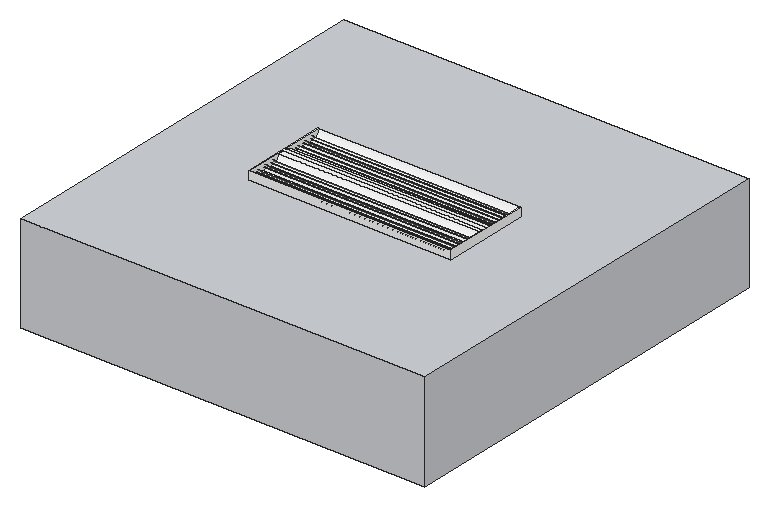
Revit family "LHV6", category Lighting Fixtures, host Face, Revit 2012
Parameters (values of type "LHA6")
  Wattage Comments = "222 W"
  Wattage = 9.2903 W
  built-in parameter 1150110 = 1 (stored number, unit not read)
  URL = "http://www.columbialighting.com/"
  built-in parameter 1114217 = 1 (stored number, unit not read)
  built-in parameter 1150109 = 1 (stored number, unit not read)
  built-in parameter 1150134 = 3
  built-in parameter 1150113 = 1 (stored number, unit not read)
  Product Page URL = "http://www.columbialighting.com/products/lhv"
  Product Documentation Link = "http://www.columbialighting.com/content/products/specs/specs_files/lha4_6.pdf"
  Model = "LHA6"  # constant formula
  Manufacturer Phone = "864-678-1000"  # constant formula
  Manufacturer Fax = "866-898-1065"  # constant formula
  Manufacturer = "Columbia Lighting"  # constant formula
  built-in parameter 1150105 = 109.82 (stored number, unit not read)
  Lumens = 1380 lm
  built-in parameter 1150115 = 1 (stored number, unit not read)
  Light Source Symbol Size = 2.000"
  built-in parameter 1150137 = (empty or 0)
  built-in parameter 1150139 = (empty or 0)
  built-in parameter 1150112 = 1 (stored number, unit not read)
  built-in parameter 1150114 = 1 (stored number, unit not read)
  Lamp = "F32T8"
  built-in parameter 1150132 = (empty or 0)
  built-in parameter 1150102 = (empty or 0)
  built-in parameter 1150107 = 3200 (stored number, unit not read)
  built-in parameter 1150138 = (empty or 0)
  built-in parameter 1150106 = 1.0982 (stored number, unit not read)
  Glass = Glass
  Emit from Line Length = 30.000"
  built-in parameter 1150104 = 13.8 (stored number, unit not read)
  Dimming Lamp Color Temperature Shift = <None>
  Description = "VersaBay® luminaires are the new industry standard for fluorescent high bay lighting with Advanced Thermal Management, serviceability, and performance that is unrivaled in the marketplace."  # constant formula
  Default Elevation = 48.000"
  Color Filter = 16777215
  built-in parameter 1114218 = 1 (stored number, unit not read)
  Backbox = White
  built-in parameter 1150133 = 10 (stored number, unit not read)
  Apparent Load = 0 VA
Reference planes (in)
  plane 1 "Center (Front/Back)": y = 0.03999
  plane 2: z = -0.74748
  plane 3 "Center (Left/Right)": x = 0.01104
  plane 4: y = 10.35249
  plane 5: y = -10.27251
  plane 6: x = -23.98896
  plane 7: x = 24.01104
  plane 8: z = 1.25252
  plane 9: x = -23.78896
  plane 10: x = 23.81104
Forms (in)
  Extrusion 1, solid
    sketch origin (0, 0, 0.06357) x (1, 0, 0) y (0, 1, 0)
      loop
        line (-48, 48) -> (-48, -48) -> (48, -48) -> (48, 48) -> (-48, 48)
    from -0.81105 to -24.06357
  Extrusion 2, solid, material "White" <- "Backbox"
    sketch origin (0.01104, 0, 0) x (0, 1, 0) y (0, 0, 1)
      loop
        arc (10.35249, 1.24645) -> (9.58664, 0.28661) -> (8.52239, -0.32593) r 3.29299
        line (8.52239, -0.32593) -> (7.60226, -0.32593)
        arc (7.60226, -0.32593) -> (7.28038, -0.17456) -> (6.98143, 0.0182) r 2.67366
        arc (6.98143, 0.0182) -> (6.67852, -0.16895) -> (6.35893, -0.32593) r 3.6773
        line (6.35893, -0.32593) -> (5.35893, -0.32593) -> (4.75465, -0.00463) -> (4.12407, -0.32593) -> (3.12407, -0.32593)
        arc (3.12407, -0.32593) -> (2.19654, 0.26274) -> (1.51414, 1.12365) r 3.29426
        line (1.51414, 1.12365) -> (0.51404, 1.24645) -> (0.03999, 1.24645) -> (-0.43406, 1.24645) -> (-1.43416, 1.12365)
        arc (-1.43416, 1.12365) -> (-2.11655, 0.26274) -> (-3.04408, -0.32593) r 3.29426
        line (-3.04408, -0.32593) -> (-4.04408, -0.32593) -> (-4.67467, -0.00463) -> (-5.27895, -0.32593) -> (-6.27895, -0.32593)
        arc (-6.27895, -0.32593) -> (-6.59854, -0.16895) -> (-6.90145, 0.0182) r 3.6773
        arc (-6.90145, 0.0182) -> (-7.20039, -0.17456) -> (-7.52228, -0.32593) r 2.67366
        line (-7.52228, -0.32593) -> (-8.44241, -0.32593)
        arc (-8.44241, -0.32593) -> (-9.50666, 0.28661) -> (-10.27251, 1.24645) r 3.29299
        line (-10.27251, 1.24645) -> (-10.27251, -0.74748) -> (10.35249, -0.74748) -> (10.35249, 1.24645)
    from -23.8 to 23.8
  Extrusion 3, solid, material "Glass" <- "Glass"
    sketch origin (0.01104, 0, 0) x (0, 1, 0) y (0, 0, 1)
      loop
        circle (8.09604, 0.2815) r 0.325
      loop
        circle (5.89289, 0.2815) r 0.325
      loop
        circle (3.64582, 0.2815) r 0.325
      loop
        circle (-8.01606, 0.2815) r 0.325
      loop
        circle (-5.81291, 0.2815) r 0.325
      loop
        circle (-3.56584, 0.2815) r 0.325
    from -23.8 to 23.8
  Extrusion 4, solid, material "White" <- "Backbox"
    sketch origin (0.01104, 0, 0) x (0, 1, 0) y (0, 0, 1)
      loop
        line (10.35249, 1.24645) -> (-10.27251, 1.24645) -> (-10.27251, -0.74748) -> (10.35249, -0.74748) -> (10.35249, 1.24645)
    from 24 to 23.8
  Extrusion 5, solid, material "White" <- "Backbox"
    sketch origin (0.01104, 0, 0) x (0, 1, 0) y (0, 0, -1)
      loop
        line (10.35249, -1.25252) -> (10.35249, 0.74748) -> (-10.27251, 0.74748) -> (-10.27251, -1.25252) -> (10.35249, -1.25252)
    from 24 to 23.8
Cuts and joins
  joined: Extrusion 2, Extrusion 4, Extrusion 5
Dimensions and locks (in)
  locked: plane 4 to plane 1 "Center (Front/Back)" at 10.3125
  locked: plane 5 to plane 1 "Center (Front/Back)" at 10.3125
  locked: plane 6 to plane 3 "Center (Left/Right)" at 24
  locked: plane 7 to plane 3 "Center (Left/Right)" at 24
  locked: plane 8 to Extrusion 1 at 2
  locked: plane 9 to plane 6 at 0.2
  locked: plane 10 to plane 7 at 0.2
  aligned and locked: plane 2 to Extrusion 1
  aligned and locked: level to Extrusion 1
  aligned and locked: Extrusion 2 sketch curve to plane 5
  aligned and locked: Extrusion 2 sketch curve to plane 4
  aligned and locked: level to Extrusion 2 sketch curve
  aligned and locked: Extrusion 2 to plane 9
  aligned and locked: Extrusion 2 to plane 10
  aligned and locked: Extrusion 2 to Extrusion 3
  aligned and locked: Extrusion 3 to plane 9
  aligned and locked: Extrusion 4 sketch curve to Extrusion 2  (x4)
  aligned and locked: Extrusion 4 to plane 10
  aligned and locked: Extrusion 4 to plane 7
  aligned and locked: plane 8 to Extrusion 5
  aligned and locked: Extrusion 5 to Extrusion 2
  aligned and locked: Extrusion 5 to plane 6
  aligned and locked: Extrusion 5 to level
  aligned and locked: imposter light to plane 1 "Center (Front/Back)"
Connectors (in)
  electrical at (0, 0, -0.74748), driven by "Description", driven by "Apparent Load"
    settings: index 1, voltage 0 V, apparent load 0 VA, apparent load phase1 0 VA, apparent load phase2 0 VA, apparent load phase3 0 VA, power factor 1, load classification "Lighting", number of poles 1, system type 30, power factor state 1, is connector primary yes, connector utility no, sub classification motor no, connector description "VersaBay® luminaires are the new industry standard for fluorescent high bay lighting with Advanced Thermal Management, serviceability, and performance that is unrivaled in the marketplace."
